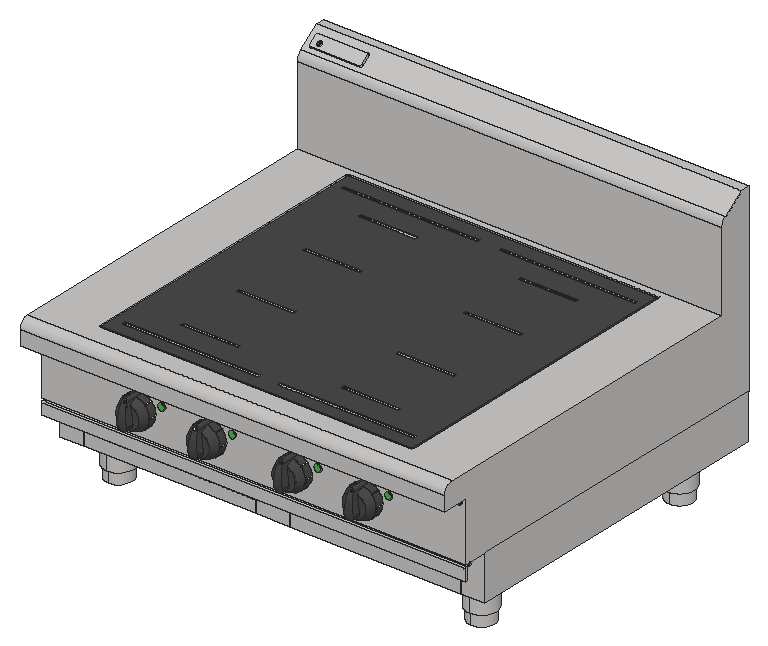
Revit family "QF_Moffat_IN8400F-B_Induction_Cooktop_cat", category Specialty Equipment, Revit 2019
Family settings
  Round Connector Dimension = Use Diameter
  Part Type = Normal
  Work Plane-Based = No
  Always vertical = Yes
  Cut with Voids When Loaded = No
  Shared = No
  Room Calculation Point = No
Parameters (values of type "IN8400F-B_415/60/3")
  Weight in Kilograms = 105
  Watts = 20000 W
  Volts = 415 V
  URL Cutsheet = ""
  Specification by User = ""
  Specification by Manufacturer = ""
  Show Logo [instance] = yes
  Serial Number = ""
  Seismic Rating = ""
  SMACNA No = ""
  Revision Code = ""
  Phase = 3
  Number of Poles = 1
  NAFEM Spec ID Number = ""
  Model = "IN8400F-B"
  Min Ckt Ampacity = 0 A
  Max Overcurrent Protection = 0 A
  Masterspec = ""
  Manufacturer = "Moffat"
  Length = 900 mm
  Item Number = ""
  Installed By = ""
  Identify Quantity as Lot = yes
  Height = 570 mm
  HP = ""
  Furnished By = ""
  Foodservice Equipment Identifier = yes
  FL Amps = 28 A
  Electrical Remarks = ""
  Electric Connection Type = ""
  Elec Conn RI Height = 0 mm
  Elec Conn Connection Height = 0 mm
  Description = "Induction Cooktop"
  Depth = 805 mm
  Cycle = 60 Hz
  Conn Plug = ""
  Conn Conduit = yes
  CSI MasterFormat = ""
  Apparent Power = 19376 VA
Types (2, lengths in mm): name | Watts | Volts | FL Amps | Cycle
  IN8400F-B_415/60/3 | 20000 W | 415 V | 28 A | 60 Hz
  IN8400F-B_400/50/3 | 17000 W | 400 V | 24 A | 50 Hz
Reference planes
  plane 1 "BACK": y = 0
  plane 2: z = 0
  plane 3 "LEFT": x = 0
  plane 4 "RIGHT": x = 900
  plane 5 "FRONT": y = -805
  plane 6 "TOP": z = 570
  plane 7 "Center Y": x = 450
  plane 8 "Center X": y = -402.5
  plane 9: x = 65.5
  plane 10: y = -30
  plane 11: x = 770
  plane 12: z = 85
  plane 13: y = -100
  plane 14: y = -625
  plane 15: y = -70
  plane 16: z = 355
  plane 17: z = 75
  plane 18: x = 834.5
Forms (mm)
  Extrusion 1, solid, material "QF_Metal_Stainless_Polished"
    sketch origin (0, 0, 0) x (0, 1, 0) y (0, 0, 1)
      loop
        line (0, 180) -> (0, 570) -> (-18.182, 570) -> (-60.863, 538.99)
        arc (-60.863, 538.99) -> (-67.584, 531.121) -> (-70, 521.058) r 22.165
        line (-70, 521.058) -> (-70, 355) -> (-784.417, 355)
        arc (-784.417, 355) -> (-798.971, 348.971) -> (-805, 334.417) r 20.583
        line (-805, 334.417) -> (-805, 305) -> (-749, 305) -> (-749, 180) -> (0, 180)
    from 0 to 900
  Extrusion 2, void
    sketch origin (0, -784.171, 355) x (0, 1, 0) y (-1, 0, 0)
      loop
        arc (699.341, -122.382) -> (697.584, -118.139) -> (693.341, -116.382) r 6
        line (693.341, -116.382) -> (45.245, -116.382)
        arc (45.245, -116.382) -> (41.002, -118.139) -> (39.245, -122.382) r 6
        line (39.245, -122.382) -> (39.245, -777.618)
        arc (39.245, -777.618) -> (41.002, -781.861) -> (45.245, -783.618) r 6
        line (45.245, -783.618) -> (693.341, -783.618)
        arc (693.341, -783.618) -> (697.584, -781.861) -> (699.341, -777.618) r 6
        line (699.341, -777.618) -> (699.341, -122.382)
    from 0 to -9.5
  Extrusion 3, solid, material "QF_Plastic_Black_Smooth"
    sketch origin (0, -784.171, 355) x (0, 1, 0) y (-1, 0, 0)
      loop
        line (695.341, -777.618) -> (695.341, -122.382)
        arc (695.341, -122.382) -> (694.755, -120.968) -> (693.341, -120.382) r 2
        line (693.341, -120.382) -> (45.245, -120.382)
        arc (45.245, -120.382) -> (43.831, -120.968) -> (43.245, -122.382) r 2
        line (43.245, -122.382) -> (43.245, -777.618)
        arc (43.245, -777.618) -> (43.831, -779.032) -> (45.245, -779.618) r 2
        line (45.245, -779.618) -> (693.341, -779.618)
        arc (693.341, -779.618) -> (694.755, -779.032) -> (695.341, -777.618) r 2
      loop
        line (663.444, -138.924) -> (657.444, -138.924) -> (657.444, -426.076) -> (663.444, -426.076) -> (663.444, -138.924)
      loop
        line (78.838, -141.424) -> (72.838, -141.424) -> (72.838, -428.576) -> (78.838, -428.576) -> (78.838, -141.424)
      loop
        line (663.444, -761.076) -> (663.444, -473.924) -> (657.444, -473.924) -> (657.444, -761.076) -> (663.444, -761.076)
      loop
        line (78.838, -758.576) -> (78.838, -471.424) -> (72.838, -471.424) -> (72.838, -758.576) -> (78.838, -758.576)
      loop
        line (600.671, -220) -> (600.671, -340) -> (606.671, -340) -> (606.671, -220) -> (600.671, -220)
      loop
        line (454.421, -220) -> (454.421, -340) -> (460.421, -340) -> (460.421, -220) -> (454.421, -220)
      loop
        line (283.728, -340) -> (283.728, -220) -> (277.728, -220) -> (277.728, -340) -> (283.728, -340)
      loop
        line (136.404, -340) -> (136.404, -220) -> (130.404, -220) -> (130.404, -340) -> (136.404, -340)
      loop
        line (600.671, -680) -> (606.671, -680) -> (606.671, -560) -> (600.671, -560) -> (600.671, -680)
      loop
        line (454.421, -680) -> (460.421, -680) -> (460.421, -560) -> (454.421, -560) -> (454.421, -680)
      loop
        line (283.728, -560) -> (277.728, -560) -> (277.728, -680) -> (283.728, -680) -> (283.728, -560)
      loop
        line (136.404, -560) -> (130.404, -560) -> (130.404, -680) -> (136.404, -680) -> (136.404, -560)
    from 0 to -9.5
  Extrusion 4, solid, material "QF_Metal_Stainless_Polished"
    sketch origin (0, 0, 40) x (0, 1, 0) y (0, 0, 1)
      loop
        line (-739.467, 140) -> (-738.192, 134.838)
        arc (-738.192, 134.838) -> (-738.307, 134.302) -> (-738.799, 134.063) r 0.625
        line (-738.799, 134.063) -> (-746.111, 134.063)
        arc (-746.111, 134.063) -> (-748.011, 133.276) -> (-748.797, 131.377) r 2.686
        line (-748.797, 131.377) -> (-748.797, 107.627) -> (-747.197, 107.627) -> (-747.197, 131.242)
        arc (-747.197, 131.242) -> (-746.84, 132.105) -> (-745.976, 132.463) r 1.221
        line (-745.976, 132.463) -> (-738.755, 132.463)
        arc (-738.755, 132.463) -> (-737.028, 133.304) -> (-736.625, 135.182) r 2.194
        line (-736.625, 135.182) -> (-737.815, 140) -> (-739.467, 140)
    from 0 to 900
  Extrusion 5, solid, material "QF_Plastic_Black_Smooth"
    sketch origin (0, -749, 181.875) x (0, 0, 1) y (-1, 0, 0)
      loop
        circle (112.843, -13.157) r 5
      loop
        circle (112.843, -886.843) r 5
    from 0 to 1.6
  Extrusion 6, solid, material "QF_Metal_Stainless_Polished"
    sketch origin (450, -699, 85) x (0, 1, 0) y (1, 0, 0)
      loop
        circle (669, 320) r 6.35
    from 0 to 10
  Extrusion 7, solid, material "QF_Metal_Stainless_Polished"
    sketch origin (0, -699, 85) x (1, 0, 0) y (0, -1, 0)
      loop
        line (0, -699) -> (900, -699) -> (900, 0) -> (849.2, 0) -> (849.2, -25.4) -> (485.8, -25.4) -> (485.8, 0) -> (414.2, 0) -> (414.2, -25.4) -> (50.8, -25.4) -> (50.8, 0) -> (0, 0) -> (0, -699)
    from 0 to -95
  Extrusion 8, solid, material "QF_Metal_Stainless_Polished"
    sketch origin (50.8, -30, 85) x (0, 1, 0) y (0, 0, 1)
      loop
        line (-669, 0) -> (-643.6, 0) -> (-643.6, 26.45) -> (-669, 26.45) -> (-669, 0)
      loop
        line (-669, 32.45) -> (-643.6, 32.45) -> (-643.6, 66.4) -> (-669, 66.4) -> (-669, 32.45)
      loop
        line (-669, 67.4) -> (-643.6, 67.4) -> (-643.6, 95) -> (-669, 95) -> (-669, 67.4)
    from 0 to 363.4
  Revolve 9, solid, material "QF_Metal_Stainless_Polished"
    sketch origin (65.5, -4572, -304.8) x (0, 0, -1) y (0, -1, 0)
      loop
        line (-304.8, -4499.5) -> (-304.8, -4472) -> (-389.8, -4472) -> (-389.8, -4503.75) -> (-329.8, -4503.75) -> (-329.8, -4499.5) -> (-304.8, -4499.5)
      axis (-389.8, -4472) -> (-304.8, -4472)
    angle from 0 to 360
  Revolve 10, solid, material "QF_Metal_Stainless_Polished"
    sketch origin (65.5, -4572, -304.8) x (0, 0, -1) y (0, -1, 0)
      loop
        line (-304.8, -3974.5) -> (-304.8, -3947) -> (-389.8, -3947) -> (-389.8, -3978.75) -> (-329.8, -3978.75) -> (-329.8, -3974.5) -> (-304.8, -3974.5)
      axis (-389.8, -3947) -> (-304.8, -3947)
    angle from 0 to 360
  Revolve 11, solid, material "QF_Metal_Stainless_Polished"
    sketch origin (834.5, -4572, -304.8) x (0, 0, -1) y (0, 1, 0)
      loop
        line (-304.8, 4499.5) -> (-329.8, 4499.5) -> (-329.8, 4503.75) -> (-389.8, 4503.75) -> (-389.8, 4472) -> (-304.8, 4472) -> (-304.8, 4499.5)
      axis (-389.8, 4472) -> (-304.8, 4472)
    angle from 0 to 360
  Revolve 12, solid, material "QF_Metal_Stainless_Polished"
    sketch origin (834.5, -4572, -304.8) x (0, 0, -1) y (0, 1, 0)
      loop
        line (-304.8, 3974.5) -> (-329.8, 3974.5) -> (-329.8, 3978.75) -> (-389.8, 3978.75) -> (-389.8, 3947) -> (-304.8, 3947) -> (-304.8, 3974.5)
      axis (-389.8, 3947) -> (-304.8, 3947)
    angle from 0 to 360
  Extrusion 13, solid, material "QF_Metal_Stainless_Polished"
    sketch origin (900, 0, 0) x (-1, 0, 0) y (0, -1, 0)
      loop
        line (761.076, 126.726) -> (473.924, 126.726) -> (473.924, 120.726) -> (761.076, 120.726) -> (761.076, 126.726)
      loop
        line (680, 183.5) -> (560, 183.5) -> (560, 177.5) -> (680, 177.5) -> (680, 183.5)
      loop
        line (680, 329.75) -> (560, 329.75) -> (560, 323.75) -> (680, 323.75) -> (680, 329.75)
      loop
        line (680, 506.443) -> (560, 506.443) -> (560, 500.443) -> (680, 500.443) -> (680, 506.443)
      loop
        line (680, 653.766) -> (560, 653.766) -> (560, 647.766) -> (680, 647.766) -> (680, 653.766)
      loop
        line (758.576, 711.333) -> (471.424, 711.333) -> (471.424, 705.333) -> (758.576, 705.333) -> (758.576, 711.333)
      loop
        line (138.924, 126.726) -> (138.924, 120.726) -> (426.076, 120.726) -> (426.076, 126.726) -> (138.924, 126.726)
      loop
        line (220, 183.5) -> (220, 177.5) -> (340, 177.5) -> (340, 183.5) -> (220, 183.5)
      loop
        line (220, 329.75) -> (220, 323.75) -> (340, 323.75) -> (340, 329.75) -> (220, 329.75)
      loop
        line (220, 506.443) -> (220, 500.443) -> (340, 500.443) -> (340, 506.443) -> (220, 506.443)
      loop
        line (220, 653.766) -> (220, 647.766) -> (340, 647.766) -> (340, 653.766) -> (220, 653.766)
      loop
        line (141.424, 711.333) -> (141.424, 705.333) -> (428.576, 705.333) -> (428.576, 711.333) -> (141.424, 711.333)
    from 355 to 345.5
  Extrusion 14, solid, material "QF_Paint_Green"
    sketch origin (123.231, -748.999, 153.75) x (0, 0, 1) y (-1, 0, 0)
      loop
        circle (100.3, -282.5) r 7.15
    from 0 to 1.6
  Extrusion 15, solid, material "QF_Plastic_Black_Smooth"
    sketch origin (135, -748.999, 165.625) x (0, 0, 1) y (-1, 0, 0)
      loop
        circle (112.843, -225) r 5
    from 0 to 1.6
  Extrusion 16, solid, material "QF_Paint_Green"
    sketch origin (-26.769, -748.999, 153.75) x (0, 0, 1) y (-1, 0, 0)
      loop
        circle (100.3, -282.5) r 7.15
    from 0 to 1.6
  Extrusion 17, solid, material "QF_Plastic_Black_Smooth"
    sketch origin (-15, -748.999, 165.625) x (0, 0, 1) y (-1, 0, 0)
      loop
        circle (112.843, -225) r 5
    from 0 to 1.6
  Extrusion 18, solid, material "QF_Paint_Green"
    sketch origin (454.481, -748.999, 153.75) x (0, 0, 1) y (-1, 0, 0)
      loop
        circle (100.3, -282.5) r 7.15
    from 0 to 1.6
  Extrusion 19, solid, material "QF_Plastic_Black_Smooth"
    sketch origin (466.25, -748.999, 165.625) x (0, 0, 1) y (-1, 0, 0)
      loop
        circle (112.843, -225) r 5
    from 0 to 1.6
  Extrusion 20, solid, material "QF_Paint_Green"
    sketch origin (304.481, -748.999, 153.75) x (0, 0, 1) y (-1, 0, 0)
      loop
        circle (100.3, -282.5) r 7.15
    from 0 to 1.6
  Extrusion 21, solid, material "QF_Plastic_Black_Smooth"
    sketch origin (316.25, -748.999, 165.625) x (0, 0, 1) y (-1, 0, 0)
      loop
        circle (112.843, -225) r 5
    from 0 to 1.6
  Extrusion 22, solid, material "QF_Metal_Stainless_Polished"
    sketch origin (849.2, -30, 85) x (0, 1, 0) y (0, 0, -1)
      loop
        line (-669, 0) -> (-669, -26.45) -> (-643.6, -26.45) -> (-643.6, 0) -> (-669, 0)
      loop
        line (-669, -32.45) -> (-669, -66.4) -> (-643.6, -66.4) -> (-643.6, -32.45) -> (-669, -32.45)
      loop
        line (-669, -67.4) -> (-669, -95) -> (-643.6, -95) -> (-643.6, -67.4) -> (-669, -67.4)
    from 0 to 363.4
Cuts and joins
  Extrusion 2 cuts Extrusion 1
Lines and regions (mm)
  symbolic lines
    curve 1: line (0, 0, 0) -> (900, 0, 0)
    curve 2: line (0, -805, 0) -> (0, 0, 0)
    curve 3: line (900, -805, 0) -> (0, -805, 0)
    curve 4: line (900, 0, 0) -> (900, -805, 0)
    curve 5: line (0, -18.182, 0) -> (900, -18.182, 0)
    curve 6: line (0, -70, 0) -> (900, -70, 0)
    curve 7: line (122.382, -84.83, 0) -> (777.618, -84.83, 0)
    curve 8: arc (777.618, -84.83, 0) -> (781.861, -86.587, 0) -> (783.618, -90.83, 0) r 6
    curve 9: line (783.618, -90.83, 0) -> (783.618, -738.926, 0)
    curve 10: arc (783.618, -738.926, 0) -> (781.861, -743.168, 0) -> (777.618, -744.926, 0) r 6
    curve 11: line (777.618, -744.926, 0) -> (122.382, -744.926, 0)
    curve 12: arc (122.382, -744.926, 0) -> (118.139, -743.168, 0) -> (116.382, -738.926, 0) r 6
    curve 13: line (116.382, -738.926, 0) -> (116.382, -90.83, 0)
    curve 14: arc (116.382, -90.83, 0) -> (118.139, -86.587, 0) -> (122.382, -84.83, 0) r 6
    curve 15: line (777.618, -88.83, 0) -> (122.382, -88.83, 0)
    curve 16: arc (122.382, -88.83, 0) -> (120.968, -89.415, 0) -> (120.382, -90.83, 0) r 2
    curve 17: line (120.382, -90.83, 0) -> (120.382, -738.926, 0)
    curve 18: arc (120.382, -738.926, 0) -> (120.968, -740.34, 0) -> (122.382, -740.926, 0) r 2
    curve 19: line (122.382, -740.926, 0) -> (777.618, -740.926, 0)
    curve 20: arc (777.618, -740.926, 0) -> (779.032, -740.34, 0) -> (779.618, -738.926, 0) r 2
    curve 21: line (779.618, -738.926, 0) -> (779.618, -90.83, 0)
    curve 22: arc (779.618, -90.83, 0) -> (779.032, -89.415, 0) -> (777.618, -88.83, 0) r 2
    curve 23: line (783.618, -738.926, 0) -> (783.618, -90.83, 0)
    curve 24: line (779.618, -90.83, 0) -> (779.618, -738.926, 0)
    curve 25: line (138.924, -126.726, 0) -> (426.076, -126.726, 0)
    curve 26: line (426.076, -126.726, 0) -> (426.076, -120.726, 0)
    curve 27: line (426.076, -120.726, 0) -> (138.924, -120.726, 0)
    curve 28: line (138.924, -120.726, 0) -> (138.924, -126.726, 0)
    curve 29: line (220, -183.5, 0) -> (340, -183.5, 0)
    curve 30: line (340, -183.5, 0) -> (340, -177.5, 0)
    curve 31: line (340, -177.5, 0) -> (220, -177.5, 0)
    curve 32: line (220, -177.5, 0) -> (220, -183.5, 0)
    curve 33: line (220, -329.75, 0) -> (340, -329.75, 0)
    curve 34: line (340, -329.75, 0) -> (340, -323.75, 0)
    curve 35: line (340, -323.75, 0) -> (220, -323.75, 0)
    curve 36: line (220, -323.75, 0) -> (220, -329.75, 0)
    curve 37: line (220, -506.443, 0) -> (340, -506.443, 0)
    curve 38: line (340, -506.443, 0) -> (340, -500.443, 0)
    curve 39: line (340, -500.443, 0) -> (220, -500.443, 0)
    curve 40: line (220, -500.443, 0) -> (220, -506.443, 0)
    curve 41: line (220, -653.766, 0) -> (340, -653.766, 0)
    curve 42: line (340, -653.766, 0) -> (340, -647.766, 0)
    curve 43: line (340, -647.766, 0) -> (220, -647.766, 0)
    curve 44: line (220, -647.766, 0) -> (220, -653.766, 0)
    curve 45: line (141.424, -711.333, 0) -> (428.576, -711.333, 0)
    curve 46: line (428.576, -711.333, 0) -> (428.576, -705.333, 0)
    curve 47: line (428.576, -705.333, 0) -> (141.424, -705.333, 0)
    curve 48: line (141.424, -705.333, 0) -> (141.424, -711.333, 0)
    curve 49: line (471.424, -711.333, 0) -> (758.576, -711.333, 0)
    curve 50: line (758.576, -711.333, 0) -> (758.576, -705.333, 0)
    curve 51: line (758.576, -705.333, 0) -> (471.424, -705.333, 0)
    curve 52: line (471.424, -705.333, 0) -> (471.424, -711.333, 0)
    curve 53: line (680, -653.766, 0) -> (560, -653.766, 0)
    curve 54: line (560, -653.766, 0) -> (560, -647.766, 0)
    curve 55: line (560, -647.766, 0) -> (680, -647.766, 0)
    curve 56: line (680, -647.766, 0) -> (680, -653.766, 0)
    curve 57: line (560, -506.443, 0) -> (680, -506.443, 0)
    curve 58: line (680, -506.443, 0) -> (680, -500.443, 0)
    curve 59: line (680, -500.443, 0) -> (560, -500.443, 0)
    curve 60: line (560, -500.443, 0) -> (560, -506.443, 0)
    curve 61: line (560, -329.75, 0) -> (680, -329.75, 0)
    curve 62: line (680, -329.75, 0) -> (680, -323.75, 0)
    curve 63: line (680, -323.75, 0) -> (560, -323.75, 0)
    curve 64: line (560, -323.75, 0) -> (560, -329.75, 0)
    curve 65: line (680, -177.5, 0) -> (560, -177.5, 0)
    curve 66: line (560, -177.5, 0) -> (560, -183.5, 0)
    curve 67: line (560, -183.5, 0) -> (680, -183.5, 0)
    curve 68: line (680, -183.5, 0) -> (680, -177.5, 0)
    curve 69: line (473.924, -126.726, 0) -> (761.076, -126.726, 0)
    curve 70: line (761.076, -126.726, 0) -> (761.076, -120.726, 0)
    curve 71: line (761.076, -120.726, 0) -> (473.924, -120.726, 0)
    curve 72: line (473.924, -120.726, 0) -> (473.924, -126.726, 0)
Dimensions and locks
  equal spacing: plane 3 "LEFT", plane 7 "Center Y", plane 4 "RIGHT"
  "Length": plane 3 "LEFT" to plane 4 "RIGHT"
  equal spacing: plane 5 "FRONT", plane 8 "Center X", plane 1 "BACK"
  "Depth": plane 5 "FRONT" to plane 1 "BACK"
  "Height": plane 6 "TOP" to level
  plane 4 "RIGHT" to plane 3 "LEFT" = 900 mm
  plane 1 "BACK" to plane 5 "FRONT" = 805 mm
  plane 6 "TOP" to plane 2 = 570 mm
  locked: plane 11 to plane 4 "RIGHT" at 130
  plane 1 "BACK" to plane 10 = 30 mm
  plane 1 "BACK" to plane 13 to plane 14 = 100 mm, 525 mm
  plane 1 "BACK" to plane 15 = 70 mm
  plane 16 to level = 355 mm
  level to plane 12 = 85 mm
  plane 17 to level = 75 mm
  plane 11 to plane 4 "RIGHT" = 130 mm
  plane 18 to plane 9 = 769 mm
  locked: plane 4 "RIGHT" to plane 18 at 65.5
  aligned and locked: level to plane 2
  aligned and locked: plane 18 to Revolve 12
  aligned and locked: plane 18 to Revolve 11
  aligned and locked: Extrusion 7 sketch curve to plane 4 "RIGHT"
  aligned and locked: Extrusion 4 to plane 4 "RIGHT"
  aligned and locked: Extrusion 22 to Extrusion 7  (x2)
Automatic sketch dimensions
  Extrusion 1 sketch curve to plane 5 "FRONT" = 0 mm
  Extrusion 1 sketch curve to plane 16 = 0 mm
  Extrusion 1 sketch curve to plane 15 = 0 mm
  Extrusion 1 sketch curve to plane 6 "TOP" = 0 mm
  Extrusion 1 sketch curve to plane 1 "BACK" = 0 mm
  Extrusion 1 sketch curve to plane 5 "FRONT" = 20.583 mm
  Extrusion 1 sketch curve to plane 5 "FRONT" = 56 mm
  Extrusion 1 sketch curve to plane 15 = 9.137 mm
  plane 10 to Extrusion 1 sketch curve = 17.835 mm
  Extrusion 1 sketch curve to plane 10 = 11.818 mm
  Extrusion 1 sketch curve to Extrusion 1 sketch curve = 29.417 mm
  Extrusion 1 sketch curve to plane 12 = 95 mm
  Extrusion 1 sketch curve to plane 6 "TOP" = 48.942 mm
  Extrusion 2 sketch curve to Extrusion 1 = 39.492 mm
  Extrusion 2 sketch curve to Extrusion 2 sketch curve = 6 mm  (x3)
  Extrusion 1 to Extrusion 2 sketch curve = 20.83 mm  (x2)
  Extrusion 1 to Extrusion 2 sketch curve = 116.382 mm
  Extrusion 1 to Extrusion 2 sketch curve = 122.382 mm
  Extrusion 3 sketch curve to Extrusion 1 = 43.492 mm
  Extrusion 3 sketch curve to Extrusion 3 sketch curve = 2 mm  (x3)
  Extrusion 3 sketch curve to Extrusion 1 = 73.085 mm
  Extrusion 3 sketch curve to Extrusion 3 sketch curve = 0 mm  (x5)
  Extrusion 3 sketch curve to Extrusion 3 sketch curve = 6 mm  (x12)
  Extrusion 3 sketch curve to Extrusion 3 sketch curve = 51.566 mm  (x2)
  Extrusion 3 sketch curve to Extrusion 3 sketch curve = 141.323 mm  (x2)
  Extrusion 3 sketch curve to Extrusion 3 sketch curve = 170.693 mm  (x2)
  Extrusion 1 to Extrusion 3 sketch curve = 113.5 mm  (x2)
  Extrusion 1 to Extrusion 3 sketch curve = 56.726 mm
  Extrusion 1 to Extrusion 3 sketch curve = 20.83 mm  (x2)
  Extrusion 1 to Extrusion 3 sketch curve = 120.382 mm
  Extrusion 3 sketch curve to Extrusion 3 sketch curve = 16.542 mm
  Extrusion 3 sketch curve to Extrusion 3 sketch curve = 19.042 mm  (x2)
  Extrusion 3 sketch curve to Extrusion 3 sketch curve = 81.076 mm  (x2)
  Extrusion 3 sketch curve to Extrusion 3 sketch curve = 78.576 mm  (x3)
  Extrusion 3 sketch curve to Extrusion 3 sketch curve = 120 mm  (x8)
  Extrusion 3 sketch curve to Extrusion 3 sketch curve = 86.076 mm  (x2)
  Extrusion 3 sketch curve to Extrusion 3 sketch curve = 88.576 mm  (x2)
  Extrusion 3 sketch curve to Extrusion 3 sketch curve = 42.848 mm
  Extrusion 3 sketch curve to Extrusion 3 sketch curve = 47.848 mm
  Extrusion 4 sketch curve to plane 5 "FRONT" = 56.203 mm
  Extrusion 4 sketch curve to Extrusion 4 sketch curve = 1.6 mm
  Extrusion 4 sketch curve to Extrusion 4 sketch curve = 1.086 mm
  Extrusion 4 sketch curve to Extrusion 4 sketch curve = 0.135 mm  (x2)
  Extrusion 4 sketch curve to Extrusion 4 sketch curve = 6.644 mm
  Extrusion 4 sketch curve to Extrusion 4 sketch curve = 0.668 mm
  Extrusion 4 sketch curve to Extrusion 4 sketch curve = 0.044 mm
  Extrusion 4 sketch curve to Extrusion 4 sketch curve = 0.563 mm
  Extrusion 4 sketch curve to Extrusion 4 sketch curve = 1.652 mm
  Extrusion 4 sketch curve to Extrusion 4 sketch curve = 1.567 mm
  Extrusion 4 sketch curve to plane 12 = 62.627 mm
  Extrusion 4 sketch curve to Extrusion 4 sketch curve = 23.614 mm
  Extrusion 4 sketch curve to Extrusion 4 sketch curve = 0.594 mm
  Extrusion 4 sketch curve to Extrusion 4 sketch curve = 0.032 mm
  Extrusion 4 sketch curve to Extrusion 4 sketch curve = 5.162 mm
  Extrusion 1 to Extrusion 5 sketch curve = 10.282 mm  (x2)
  Extrusion 1 to Extrusion 5 sketch curve = 13.157 mm  (x2)
  Extrusion 7 to Extrusion 6 sketch curve = 30 mm
  Extrusion 6 sketch curve to Extrusion 7 = 79.2 mm
  Extrusion 7 sketch curve to plane 3 "LEFT" = 0 mm
  plane 1 "BACK" to Extrusion 7 sketch curve = 0 mm
  plane 9 to Extrusion 7 sketch curve = 14.7 mm
  Extrusion 7 sketch curve to plane 7 "Center Y" = 35.8 mm
  plane 7 "Center Y" to Extrusion 7 sketch curve = 35.8 mm
  plane 18 to Extrusion 7 sketch curve = 14.7 mm
  plane 14 to Extrusion 7 sketch curve = 48.6 mm  (x2)
  Extrusion 7 sketch curve to Extrusion 7 sketch curve = 25.4 mm  (x3)
  Extrusion 8 sketch curve to Extrusion 7 = 0 mm  (x8)
  Extrusion 7 to Extrusion 8 sketch curve = 26.45 mm
  Extrusion 8 sketch curve to Extrusion 8 sketch curve = 6 mm
  Extrusion 7 to Extrusion 8 sketch curve = 28.6 mm
  Extrusion 8 sketch curve to Extrusion 8 sketch curve = 1 mm
  plane 12 to Revolve 9 sketch curve = 0 mm
  Revolve 9 sketch curve to level = 0 mm  (x2)
  Revolve 9 sketch curve to plane 13 = 0 mm  (x2)
  plane 15 to Revolve 9 sketch curve = 2.5 mm
  level to Revolve 9 sketch curve = 25 mm
  Revolve 9 sketch curve to plane 15 = 1.75 mm
  Revolve 9 sketch curve to Revolve 9 sketch curve = 25 mm
  plane 12 to Revolve 10 sketch curve = 0 mm
  Revolve 10 sketch curve to level = 0 mm  (x2)
  Revolve 10 sketch curve to plane 14 = 0 mm  (x2)
  level to Revolve 10 sketch curve = 25 mm
  Revolve 10 sketch curve to Revolve 10 sketch curve = 27.5 mm
  Revolve 10 sketch curve to Revolve 10 sketch curve = 31.75 mm
  Revolve 10 sketch curve to Revolve 10 sketch curve = 25 mm
  plane 12 to Revolve 11 sketch curve = 0 mm
  Revolve 11 sketch curve to level = 0 mm  (x2)
  Revolve 11 sketch curve to plane 13 = 0 mm  (x2)
  plane 15 to Revolve 11 sketch curve = 2.5 mm
  Revolve 11 sketch curve to Revolve 11 sketch curve = 25 mm
  Revolve 11 sketch curve to plane 15 = 1.75 mm
  Revolve 11 sketch curve to level = 25 mm
  plane 12 to Revolve 12 sketch curve = 0 mm
  Revolve 12 sketch curve to level = 0 mm  (x2)
  Revolve 12 sketch curve to plane 14 = 0 mm  (x2)
  level to Revolve 12 sketch curve = 25 mm
  Revolve 12 sketch curve to plane 14 = 27.5 mm
  Revolve 12 sketch curve to Revolve 12 sketch curve = 4.25 mm
  Revolve 12 sketch curve to Revolve 12 sketch curve = 25 mm
  Extrusion 13 sketch curve to plane 11 = 8.924 mm
  Extrusion 13 sketch curve to plane 11 = 11.424 mm
  Extrusion 13 sketch curve to plane 14 = 28.766 mm  (x2)
  Extrusion 13 sketch curve to plane 11 = 90 mm  (x4)
  Extrusion 13 sketch curve to plane 7 "Center Y" = 110 mm  (x4)
  Extrusion 13 sketch curve to plane 14 = 22.766 mm
  Extrusion 13 sketch curve to plane 7 "Center Y" = 23.924 mm
  Extrusion 13 sketch curve to plane 7 "Center Y" = 21.424 mm
  plane 7 "Center Y" to Extrusion 13 sketch curve = 21.424 mm
  plane 7 "Center Y" to Extrusion 13 sketch curve = 23.924 mm
  plane 7 "Center Y" to Extrusion 13 sketch curve = 110 mm  (x2)
  Extrusion 13 sketch curve to Extrusion 13 sketch curve = 88.576 mm
  Extrusion 13 sketch curve to Extrusion 13 sketch curve = 86.076 mm
  Extrusion 13 sketch curve to Extrusion 13 sketch curve = 120 mm  (x4)
  plane 9 to Extrusion 13 sketch curve = 75.924 mm
  Extrusion 13 sketch curve to plane 13 = 20.726 mm
  plane 9 to Extrusion 13 sketch curve = 73.424 mm
  Extrusion 13 sketch curve to plane 14 = 80.333 mm  (x2)
  Extrusion 13 sketch curve to Extrusion 13 sketch curve = 6 mm  (x11)
  plane 8 "Center X" to Extrusion 13 sketch curve = 103.943 mm  (x2)
  Extrusion 13 sketch curve to plane 8 "Center X" = 72.75 mm  (x2)
  Extrusion 13 sketch curve to plane 13 = 83.5 mm  (x2)
  Extrusion 13 sketch curve to plane 13 = 26.726 mm
  Extrusion 14 sketch curve to plane 7 "Center Y" = 44.269 mm
  Extrusion 14 sketch curve to plane 16 = 100.95 mm
  Extrusion 15 sketch curve to plane 16 = 76.532 mm
  Extrusion 15 sketch curve to plane 7 "Center Y" = 90 mm
  Extrusion 16 sketch curve to plane 16 = 100.95 mm
  Extrusion 16 sketch curve to plane 9 = 190.231 mm
  Extrusion 17 sketch curve to plane 16 = 76.532 mm
  Extrusion 17 sketch curve to plane 9 = 144.5 mm
  plane 11 to Extrusion 18 sketch curve = 33.019 mm
  Extrusion 18 sketch curve to plane 16 = 100.95 mm
  Extrusion 19 sketch curve to plane 16 = 76.532 mm
  plane 11 to Extrusion 19 sketch curve = 78.75 mm
  Extrusion 20 sketch curve to plane 16 = 100.95 mm
  plane 7 "Center Y" to Extrusion 20 sketch curve = 136.981 mm
  Extrusion 21 sketch curve to plane 16 = 76.532 mm
  plane 7 "Center Y" to Extrusion 21 sketch curve = 91.25 mm
  plane 12 to Extrusion 22 sketch curve = 0 mm
  plane 14 to Extrusion 22 sketch curve = 74 mm
  Extrusion 22 sketch curve to Extrusion 22 sketch curve = 0 mm  (x4)
  Extrusion 22 sketch curve to Extrusion 22 sketch curve = 25.4 mm
  Extrusion 22 sketch curve to plane 12 = 26.45 mm
  Extrusion 22 sketch curve to Extrusion 22 sketch curve = 6 mm
  Extrusion 22 sketch curve to Extrusion 22 sketch curve = 33.95 mm
  Extrusion 22 sketch curve to Extrusion 22 sketch curve = 1 mm
  Extrusion 22 sketch curve to Extrusion 22 sketch curve = 27.6 mm
  curve 8 to curve 22 = 0 mm
  curve 10 to curve 20 = 0 mm  (x2)
  curve 12 to curve 18 = 0 mm  (x2)
  curve 14 to curve 16 = 0 mm  (x2)
  plane 1 "BACK" to curve 1 = 0 mm
  curve 1 to plane 3 "LEFT" = 0 mm
  curve 6 to plane 4 "RIGHT" = 0 mm
  plane 5 "FRONT" to curve 3 = 0 mm
  plane 15 to curve 6 = 0 mm
  curve 13 to plane 9 = 50.882 mm
  curve 13 to curve 17 = 4 mm
  curve 17 to curve 16 = 2 mm
  curve 17 to curve 18 = 2 mm
  curve 14 to curve 25 = 16.542 mm
  curve 18 to curve 48 = 19.042 mm
  curve 40 to plane 9 = 154.5 mm
  plane 14 to curve 44 = 22.766 mm
  curve 47 to curve 44 = 78.576 mm
  curve 25 to curve 29 = 81.076 mm
  plane 8 "Center X" to curve 36 = 72.75 mm
  curve 36 to curve 29 = 0 mm
  curve 34 to plane 7 "Center Y" = 110 mm
  curve 37 to plane 7 "Center Y" = 110 mm
  plane 14 to curve 41 = 28.766 mm
  curve 41 to plane 7 "Center Y" = 110 mm
  curve 31 to plane 7 "Center Y" = 110 mm
  curve 26 to plane 7 "Center Y" = 23.924 mm
  curve 46 to plane 7 "Center Y" = 21.424 mm
  plane 7 "Center Y" to curve 52 = 21.424 mm
  plane 7 "Center Y" to curve 72 = 23.924 mm
  curve 69 to curve 67 = 86.076 mm
  plane 7 "Center Y" to curve 64 = 110 mm
  plane 7 "Center Y" to curve 60 = 110 mm
  plane 14 to curve 55 = 22.766 mm
  curve 51 to curve 55 = 88.576 mm
  plane 11 to curve 63 = 90 mm
  plane 11 to curve 65 = 90 mm
  plane 11 to curve 59 = 90 mm
  plane 14 to curve 56 = 28.766 mm
  plane 11 to curve 56 = 90 mm
  plane 11 to curve 50 = 11.424 mm
  plane 11 to curve 69 = 8.924 mm
  curve 19 to plane 11 = 7.618 mm
  curve 8 to plane 11 = 7.618 mm
  curve 8 to curve 24 = 2 mm
  curve 11 to plane 5 "FRONT" = 60.074 mm
  curve 10 to curve 50 = 27.593 mm
  curve 18 to curve 45 = 27.593 mm
  curve 45 to curve 47 = 6 mm
  curve 49 to curve 51 = 6 mm
  curve 60 to plane 8 "Center X" = 103.943 mm
  curve 40 to plane 8 "Center X" = 103.943 mm
  curve 57 to curve 59 = 6 mm
  curve 37 to curve 40 = 6 mm
  plane 8 "Center X" to curve 62 = 72.75 mm
  curve 61 to curve 64 = 6 mm
  curve 33 to curve 34 = 6 mm
  plane 13 to curve 29 = 83.5 mm
  plane 13 to curve 67 = 83.5 mm
  curve 29 to curve 31 = 6 mm
  curve 67 to curve 68 = 6 mm
  plane 13 to curve 25 = 26.726 mm
  plane 13 to curve 72 = 26.726 mm
  curve 25 to curve 28 = 6 mm
  curve 69 to curve 71 = 6 mm
  curve 21 to plane 13 = 9.17 mm
  curve 5 to plane 10 = 11.818 mm
  radius of Extrusion 5 sketch curve = 5 mm  (x2)
  radius of Extrusion 6 sketch curve = 6.35 mm
  radius of Extrusion 14 sketch curve = 7.15 mm
  radius of Extrusion 15 sketch curve = 5 mm
  radius of Extrusion 16 sketch curve = 7.15 mm
  radius of Extrusion 17 sketch curve = 5 mm
  radius of Extrusion 18 sketch curve = 7.15 mm
  radius of Extrusion 19 sketch curve = 5 mm
  radius of Extrusion 20 sketch curve = 7.15 mm
  radius of Extrusion 21 sketch curve = 5 mm
Nested families
  nested 1: "QF_LOGO_Waldorf" at (12, -52.35, 545.175), visible <- "Show Logo", type "QF_LOGO_Waldorf"
  nested 2: "Knob" at (327.5, -739.499, 200.75), type "Knob"
  nested 3: "Knob" at (177.5, -739.499, 200.75), type "Knob"
  nested 4: "Knob" at (658.75, -739.499, 200.75), type "Knob"
  nested 5: "Knob" at (508.75, -739.499, 200.75), type "Knob"
Connectors
  electrical at (770, -30, 75), driven by "Volts", driven by "Watts"
    settings: on Extrusion 6, index 3, voltage 415 V, apparent load 20000 VA, apparent load phase1 0 VA, apparent load phase2 0 VA, apparent load phase3 0 VA, power factor 1, load classification "Other", number of poles 1, system type 30, power factor state 1, is connector primary yes, connector utility no, sub classification motor no, connector description "ELECTRICAL CONNECTION"
Definition of nested family "QF_LOGO_Waldorf"
  Parameters (values of type "QF_LOGO_Waldorf")
    Weight in Pounds = 0
    URL Cutsheet = ""
    Specification by User = ""
    Specification by Manufacturer = ""
    Serial Number = ""
    Seismic Rating = ""
    SMACNA No = ""
    Revision Code = ""
    NAFEM Spec ID Number = ""
    Masterspec = ""
    Length = 138 mm
    Item Number = ""
    Installed By = ""
    Identify Quantity as Lot = yes
    Height = 26.711 mm
    Furnished By = ""
    Foodservice Equipment Identifier = yes
    Depth = 3.175 mm
    CSI MasterFormat = ""
  Reference planes
    plane 1 "BACK": y = 0
    plane 2: z = 0
    plane 3 "LEFT": x = 0
    plane 4 "RIGHT": x = 138
    plane 5 "FRONT": y = -3.175
    plane 6 "TOP": z = 26.711
    plane 7 "Center Y": x = 69
    plane 8 "Center X": y = -1.587
  Forms (mm)
    Extrusion 1, solid
      sketch origin (0, 0, 0) x (1, 0, 0) y (0, 0.809017, 0.587785)
        loop
          line (109, 3.464) -> (109, 23.247)
          spline (109, 23.247) -> (108.966, 23.699) -> (108.864, 24.143) -> (108.696, 24.572) -> (108.464, 24.979) -> (108.173, 25.355) -> (107.828, 25.696) -> (107.435, 25.995) -> (107, 26.247) -> (106.531, 26.447) -> (106.035, 26.593) -> (105.522, 26.681) -> (105, 26.711)
          line (105, 26.711) -> (4, 26.711)
          spline (4, 26.711) -> (3.478, 26.681) -> (2.965, 26.593) -> (2.469, 26.447) -> (2, 26.247) -> (1.565, 25.995) -> (1.172, 25.696) -> (0.827, 25.355) -> (0.536, 24.979) -> (0.304, 24.572) -> (0.136, 24.143) -> (0.034, 23.699) -> (0, 23.247)
          line (0, 23.247) -> (0, 3.464)
          spline (0, 3.464) -> (0.034, 3.012) -> (0.136, 2.568) -> (0.304, 2.138) -> (0.536, 1.732) -> (0.827, 1.355) -> (1.172, 1.015) -> (1.565, 0.716) -> (2, 0.464) -> (2.469, 0.264) -> (2.965, 0.118) -> (3.478, 0.03) -> (4, 0)
          line (4, 0) -> (105, 0)
          spline (105, 0) -> (105.522, 0.03) -> (106.035, 0.118) -> (106.531, 0.264) -> (107, 0.464) -> (107.435, 0.716) -> (107.828, 1.015) -> (108.173, 1.355) -> (108.464, 1.732) -> (108.696, 2.138) -> (108.864, 2.568) -> (108.966, 3.012) -> (109, 3.464)
        loop
          line (14.75, 7.005) -> (14.75, 15.654)
          arc (14.75, 15.654) -> (10.425, 11.329) -> (14.75, 7.005) r 4.325
        loop
          line (15.25, 15.654) -> (15.25, 7.005)
          arc (15.25, 7.005) -> (19.575, 11.329) -> (15.25, 15.654) r 4.325
      from 0 to 3.2
    Extrusion 2, solid
      sketch origin (0, 0, 0) x (1, 0, 0) y (0, 0.809017, 0.587785)
        loop
          line (15.25, 15.654) -> (15.25, 7.005)
          arc (15.25, 7.005) -> (19.575, 11.329) -> (15.25, 15.654) r 4.325
      from 0 to 3.2
    Extrusion 3, solid
      sketch origin (16.271, 0, 0) x (-1, 0, 0) y (0, -0.809017, -0.587785)
        loop
          arc (1.521, -15.654) -> (5.846, -11.329) -> (1.521, -7.005) r 4.325
          line (1.521, -7.005) -> (1.521, -15.654)
      from 0 to 3.2
  Lines and regions (mm)
    Split face 1
      outline origin (0, -1.881, 2.589) x (1, 0, 0) y (0, 0.809017, 0.587785)
        loop
          spline (22.129, 16.975) -> (22.389, 15.984) -> (22.649, 15.002) -> (22.91, 14.028) -> (23.172, 13.065) -> (23.433, 12.11) -> (23.695, 11.166) -> (23.956, 10.232) -> (24.218, 9.308) -> (24.479, 8.396) -> (24.74, 7.495) -> (25, 6.605) -> (25.26, 5.728)
          line (25.26, 5.728) -> (29.463, 5.728)
          spline (29.463, 5.728) -> (29.582, 6.252) -> (29.701, 6.78) -> (29.82, 7.313) -> (29.939, 7.85) -> (30.058, 8.391) -> (30.178, 8.936) -> (30.297, 9.485) -> (30.416, 10.038) -> (30.536, 10.594) -> (30.655, 11.155) -> (30.775, 11.719) -> (30.894, 12.287)
          spline (30.894, 12.287) -> (31.018, 11.719) -> (31.142, 11.155) -> (31.266, 10.594) -> (31.39, 10.038) -> (31.514, 9.485) -> (31.638, 8.936) -> (31.762, 8.391) -> (31.885, 7.85) -> (32.009, 7.313) -> (32.133, 6.78) -> (32.256, 6.252) -> (32.379, 5.728)
          line (32.379, 5.728) -> (36.51, 5.728)
          spline (36.51, 5.728) -> (36.766, 6.605) -> (37.023, 7.495) -> (37.28, 8.396) -> (37.538, 9.308) -> (37.795, 10.232) -> (38.053, 11.166) -> (38.311, 12.11) -> (38.569, 13.065) -> (38.826, 14.028) -> (39.083, 15.002) -> (39.34, 15.984) -> (39.597, 16.975)
          line (39.597, 16.975) -> (35.637, 16.975)
          spline (35.637, 16.975) -> (35.523, 16.334) -> (35.41, 15.697) -> (35.296, 15.063) -> (35.182, 14.433) -> (35.068, 13.807) -> (34.954, 13.185) -> (34.84, 12.566) -> (34.726, 11.952) -> (34.612, 11.342) -> (34.497, 10.737) -> (34.383, 10.135) -> (34.269, 9.538)
          spline (34.269, 9.538) -> (34.138, 10.135) -> (34.008, 10.737) -> (33.877, 11.342) -> (33.746, 11.952) -> (33.616, 12.566) -> (33.485, 13.185) -> (33.354, 13.807) -> (33.224, 14.433) -> (33.093, 15.063) -> (32.963, 15.697) -> (32.833, 16.334) -> (32.703, 16.975)
          line (32.703, 16.975) -> (29.247, 16.975)
          spline (29.247, 16.975) -> (29.111, 16.334) -> (28.974, 15.697) -> (28.837, 15.063) -> (28.7, 14.433) -> (28.562, 13.807) -> (28.425, 13.185) -> (28.288, 12.566) -> (28.15, 11.952) -> (28.013, 11.342) -> (27.875, 10.737) -> (27.738, 10.135) -> (27.6, 9.538)
          spline (27.6, 9.538) -> (27.483, 10.135) -> (27.366, 10.737) -> (27.249, 11.342) -> (27.132, 11.952) -> (27.015, 12.566) -> (26.897, 13.185) -> (26.78, 13.807) -> (26.663, 14.433) -> (26.546, 15.063) -> (26.43, 15.697) -> (26.313, 16.334) -> (26.196, 16.975)
          line (26.196, 16.975) -> (22.129, 16.975)
    Split face 2
      outline origin (0, -1.881, 2.589) x (1, 0, 0) y (0, 0.809017, 0.587785)
        loop
          line (51.449, 5.728) -> (51.035, 6.606) -> (51.035, 11.169)
          spline (51.035, 11.169) -> (50.686, 12.42) -> (50.176, 13.224) -> (49.51, 13.708) -> (48.693, 13.995) -> (47.747, 14.152) -> (46.698, 14.207) -> (45.579, 14.186) -> (44.419, 14.114) -> (43.279, 13.929) -> (42.249, 13.481) -> (41.424, 12.614) -> (40.897, 11.169)
          line (40.897, 11.169) -> (44.617, 11.169) -> (44.988, 11.965)
          spline (44.988, 11.965) -> (47.294, 11.682) -> (46.856, 10.932) -> (45.527, 10.609) -> (43.858, 10.439) -> (42.259, 10.123) -> (41.078, 9.417) -> (40.563, 8.246) -> (40.689, 6.989) -> (41.407, 6.052) -> (42.774, 5.536) -> (44.847, 5.497) -> (47.306, 6.602)
          line (47.306, 6.602) -> (47.624, 5.728) -> (51.449, 5.728)
    Split face 3
      outline origin (0, -1.881, 2.589) x (1, 0, 0) y (0, 0.809017, 0.587785)
        loop
          line (47.264, 9.264) -> (44.938, 8.597)
          spline (44.938, 8.597) -> (44.508, 8.228) -> (44.402, 7.9) -> (44.548, 7.626) -> (44.877, 7.42) -> (45.317, 7.295) -> (45.797, 7.265) -> (46.252, 7.342) -> (46.65, 7.525) -> (46.971, 7.813) -> (47.194, 8.201) -> (47.298, 8.685) -> (47.264, 9.264)
    Split face 4
      outline origin (0, -1.881, 2.589) x (1, 0, 0) y (0, 0.809017, 0.587785)
        loop
          line (53.33, 16.975) -> (53.33, 5.728) -> (57.173, 5.728) -> (57.173, 16.975) -> (53.33, 16.975)
    Split face 5
      outline origin (0, -1.881, 2.589) x (1, 0, 0) y (0, 0.809017, 0.587785)
        loop
          line (65.795, 16.975) -> (65.795, 12.976)
          spline (65.795, 12.976) -> (63.839, 14.082) -> (62.087, 14.096) -> (60.633, 13.343) -> (59.574, 12.148) -> (58.99, 10.806) -> (58.867, 9.452) -> (59.156, 8.159) -> (59.81, 7) -> (60.786, 6.056) -> (62.111, 5.514) -> (63.868, 5.634) -> (66.137, 6.679)
          line (66.137, 6.679) -> (66.137, 5.728) -> (69.511, 5.728) -> (69.511, 16.975) -> (65.795, 16.975)
    Split face 6
      outline origin (0, -1.881, 2.589) x (1, 0, 0) y (0, 0.809017, 0.587785)
        loop
          spline (64.273, 7.499) -> (64.754, 7.57) -> (65.202, 7.777) -> (65.587, 8.106) -> (65.882, 8.535) -> (66.067, 9.034) -> (66.131, 9.57) -> (66.067, 10.106) -> (65.882, 10.605) -> (65.587, 11.034) -> (65.202, 11.363) -> (64.754, 11.57) -> (64.273, 11.64)
          spline (64.273, 11.64) -> (63.793, 11.57) -> (63.345, 11.363) -> (62.96, 11.034) -> (62.665, 10.605) -> (62.479, 10.106) -> (62.416, 9.57) -> (62.479, 9.034) -> (62.665, 8.535) -> (62.96, 8.106) -> (63.345, 7.777) -> (63.793, 7.57) -> (64.273, 7.499)
    Split face 7
      outline origin (0, -1.881, 2.589) x (1, 0, 0) y (0, 0.809017, 0.587785)
        loop
          spline (76.449, 5.305) -> (77.855, 5.457) -> (79.166, 5.901) -> (80.291, 6.607) -> (81.155, 7.527) -> (81.698, 8.599) -> (81.883, 9.749) -> (81.698, 10.899) -> (81.155, 11.97) -> (80.291, 12.891) -> (79.166, 13.597) -> (77.855, 14.041) -> (76.449, 14.192)
          spline (76.449, 14.192) -> (75.042, 14.041) -> (73.731, 13.597) -> (72.606, 12.891) -> (71.742, 11.97) -> (71.199, 10.899) -> (71.014, 9.749) -> (71.199, 8.599) -> (71.742, 7.527) -> (72.606, 6.607) -> (73.731, 5.901) -> (75.042, 5.457) -> (76.449, 5.305)
    Split face 8
      outline origin (0, -1.881, 2.589) x (1, 0, 0) y (0, 0.809017, 0.587785)
        loop
          spline (76.449, 7.654) -> (76.841, 7.725) -> (77.206, 7.934) -> (77.52, 8.267) -> (77.76, 8.701) -> (77.912, 9.206) -> (77.963, 9.749) -> (77.912, 10.291) -> (77.76, 10.796) -> (77.52, 11.23) -> (77.206, 11.563) -> (76.841, 11.772) -> (76.449, 11.843)
          spline (76.449, 11.843) -> (76.057, 11.772) -> (75.691, 11.563) -> (75.378, 11.23) -> (75.137, 10.796) -> (74.986, 10.291) -> (74.934, 9.749) -> (74.986, 9.206) -> (75.137, 8.701) -> (75.378, 8.267) -> (75.691, 7.934) -> (76.057, 7.725) -> (76.449, 7.654)
    Split face 9
      outline origin (0, -1.881, 2.589) x (1, 0, 0) y (0, 0.809017, 0.587785)
        loop
          line (86.998, 12.335) -> (86.998, 13.879) -> (83.479, 13.879) -> (83.479, 5.728) -> (87.312, 5.728) -> (87.312, 8.975)
          spline (87.312, 8.975) -> (87.364, 9.356) -> (87.458, 9.686) -> (87.594, 9.968) -> (87.769, 10.204) -> (87.982, 10.398) -> (88.229, 10.55) -> (88.509, 10.666) -> (88.82, 10.746) -> (89.16, 10.794) -> (89.525, 10.812) -> (89.915, 10.803) -> (90.327, 10.77)
          line (90.327, 10.77) -> (90.327, 14.113)
          spline (90.327, 14.113) -> (89.929, 14.127) -> (89.552, 14.111) -> (89.197, 14.066) -> (88.865, 13.991) -> (88.554, 13.887) -> (88.266, 13.754) -> (87.999, 13.591) -> (87.755, 13.399) -> (87.532, 13.177) -> (87.332, 12.926) -> (87.154, 12.645) -> (86.998, 12.335)
    Split face 10
      outline origin (0, -1.881, 2.589) x (1, 0, 0) y (0, 0.809017, 0.587785)
        loop
          line (92.082, 13.879) -> (90.894, 13.879) -> (90.894, 11.972) -> (92.082, 11.972) -> (92.082, 5.728) -> (95.871, 5.728) -> (95.871, 11.972) -> (97.5, 11.972) -> (97.5, 13.879) -> (95.871, 13.879)
          spline (95.871, 13.879) -> (95.843, 14.088) -> (95.845, 14.278) -> (95.877, 14.447) -> (95.939, 14.596) -> (96.03, 14.726) -> (96.151, 14.835) -> (96.301, 14.925) -> (96.482, 14.995) -> (96.692, 15.045) -> (96.931, 15.075) -> (97.201, 15.085) -> (97.5, 15.076)
          line (97.5, 15.076) -> (97.5, 17.266) -> (95.367, 17.266)
          spline (95.367, 17.266) -> (94.982, 17.253) -> (94.58, 17.21) -> (94.174, 17.132) -> (93.774, 17.013) -> (93.39, 16.846) -> (93.034, 16.627) -> (92.717, 16.349) -> (92.448, 16.007) -> (92.24, 15.595) -> (92.102, 15.106) -> (92.046, 14.537) -> (92.082, 13.879)
  Dimensions and locks
    equal spacing: plane 3 "LEFT", plane 7 "Center Y", plane 4 "RIGHT"
    "Length": plane 3 "LEFT" to plane 4 "RIGHT"
    equal spacing: plane 5 "FRONT", plane 8 "Center X", plane 1 "BACK"
    "Depth": plane 5 "FRONT" to plane 1 "BACK"
    "Height": plane 6 "TOP" to level
    plane 4 "RIGHT" to plane 3 "LEFT" = 138 mm
    aligned and locked: level to plane 2
  Automatic sketch dimensions
    Extrusion 1 sketch curve to plane 3 "LEFT" = 0 mm
    plane 3 "LEFT" to Extrusion 1 sketch curve = 4 mm  (x2)
    Extrusion 1 sketch curve to Extrusion 1 sketch curve = 10.75 mm
    Extrusion 1 sketch curve to Extrusion 1 sketch curve = 0.5 mm
    plane 4 "RIGHT" to Extrusion 1 sketch curve = 33 mm
    Extrusion 1 sketch curve to Extrusion 1 sketch curve = 0 mm  (x3)
    Extrusion 1 sketch curve to Extrusion 1 sketch curve = 4 mm
    Extrusion 1 sketch curve to Extrusion 1 sketch curve = 3.464 mm  (x3)
    Extrusion 1 sketch curve to Extrusion 1 sketch curve = 3.541 mm
    Extrusion 1 sketch curve to Extrusion 1 sketch curve = 4.325 mm
    Extrusion 1 sketch curve to Extrusion 1 sketch curve = 19.783 mm
    Extrusion 1 sketch curve to Extrusion 1 sketch curve = 7.592 mm
    plane 3 "LEFT" to Extrusion 2 sketch curve = 15.25 mm
    Extrusion 2 sketch curve to Extrusion 2 sketch curve = 4.325 mm
    plane 3 "LEFT" to Extrusion 3 sketch curve = 14.75 mm
    Extrusion 3 sketch curve to Extrusion 3 sketch curve = 4.325 mm
    Extrusion 1 to Split face 1 sketch curve = 6.879 mm
    Split face 1 sketch curve to Extrusion 1 = 5.728 mm
    Split face 1 sketch curve to Split face 1 sketch curve = 3.132 mm
    Split face 1 sketch curve to Split face 1 sketch curve = 4.068 mm
    Split face 1 sketch curve to Split face 1 sketch curve = 3.051 mm
    Split face 1 sketch curve to Split face 1 sketch curve = 4.203 mm
    Split face 1 sketch curve to Split face 1 sketch curve = 2.916 mm
    Split face 1 sketch curve to Split face 1 sketch curve = 3.456 mm
    Split face 1 sketch curve to Split face 1 sketch curve = 2.934 mm
    Split face 1 sketch curve to Split face 1 sketch curve = 4.131 mm
    Split face 1 sketch curve to Split face 1 sketch curve = 3.96 mm
    Split face 1 sketch curve to Split face 1 sketch curve = 0 mm  (x2)
    Split face 1 sketch curve to Extrusion 1 = 9.736 mm  (x2)
    Extrusion 1 to Split face 1 sketch curve = 6.337 mm
    Extrusion 1 to Split face 1 sketch curve = 6.231 mm
    Extrusion 1 to Split face 1 sketch curve = 3.184 mm
    Extrusion 1 to Split face 1 sketch curve = 13.135 mm
    Split face 1 sketch curve to Split face 1 sketch curve = 4.652 mm
    Split face 1 sketch curve to Split face 1 sketch curve = 3.593 mm
    Split face 1 sketch curve to Split face 1 sketch curve = 1.863 mm
    Split face 1 sketch curve to Split face 1 sketch curve = 0.713 mm
    Split face 1 sketch curve to Split face 1 sketch curve = 2.684 mm
    Split face 1 sketch curve to Split face 1 sketch curve = 3.294 mm
    Split face 1 sketch curve to Split face 1 sketch curve = 0.459 mm
    Split face 1 sketch curve to Split face 1 sketch curve = 2.775 mm
    Split face 1 sketch curve to Split face 1 sketch curve = 1.89 mm
    Split face 1 sketch curve to Split face 1 sketch curve = 0.685 mm
    Split face 1 sketch curve to Split face 1 sketch curve = 9.486 mm
    Split face 1 sketch curve to Split face 1 sketch curve = 16.213 mm
    Split face 1 sketch curve to Split face 1 sketch curve = 3.48 mm
    Split face 1 sketch curve to Split face 1 sketch curve = 4.918 mm
    Split face 1 sketch curve to Split face 1 sketch curve = 7.609 mm
    Split face 1 sketch curve to Split face 1 sketch curve = 0.01 mm  (x2)
    Split face 1 sketch curve to Split face 1 sketch curve = 0.002 mm
    Split face 2 sketch curve to Extrusion 1 = 11.169 mm
    Extrusion 1 to Split face 2 sketch curve = 25.647 mm
    Split face 2 sketch curve to Split face 2 sketch curve = 3.72 mm
    Split face 2 sketch curve to Extrusion 1 = 11.965 mm
    Split face 2 sketch curve to Split face 2 sketch curve = 0.371 mm
    Split face 2 sketch curve to Extrusion 1 = 6.602 mm
    Split face 2 sketch curve to Split face 2 sketch curve = 2.689 mm
    Split face 2 sketch curve to Split face 2 sketch curve = 0.318 mm
    Split face 2 sketch curve to Split face 2 sketch curve = 3.729 mm
    Split face 2 sketch curve to Split face 2 sketch curve = 0.414 mm
    Split face 2 sketch curve to Split face 2 sketch curve = 0.875 mm
    Split face 2 sketch curve to Split face 2 sketch curve = 0.878 mm
    Split face 3 sketch curve to Extrusion 1 = 8.597 mm
    Extrusion 1 to Split face 3 sketch curve = 29.688 mm
    Split face 3 sketch curve to Extrusion 1 = 9.264 mm
    Split face 3 sketch curve to Split face 3 sketch curve = 2.326 mm
    Split face 4 sketch curve to Extrusion 1 = 5.728 mm
    Extrusion 1 to Split face 4 sketch curve = 38.08 mm
    Split face 4 sketch curve to Split face 4 sketch curve = 3.843 mm
    Split face 4 sketch curve to Extrusion 1 = 9.736 mm
    Split face 5 sketch curve to Extrusion 1 = 9.736 mm
    Split face 5 sketch curve to Extrusion 1 = 43.205 mm
    Split face 5 sketch curve to Extrusion 1 = 6.679 mm
    Split face 5 sketch curve to Split face 5 sketch curve = 0.342 mm
    Split face 5 sketch curve to Split face 5 sketch curve = 3.375 mm
    Split face 5 sketch curve to Split face 5 sketch curve = 0.952 mm
    Split face 5 sketch curve to Split face 5 sketch curve = 3.998 mm
    Split face 6 sketch curve to Extrusion 1 = 7.499 mm
    Split face 6 sketch curve to Extrusion 1 = 44.727 mm
    Split face 6 sketch curve to Split face 6 sketch curve = 2.07 mm
    Split face 7 sketch curve to Extrusion 1 = 5.305 mm
    Split face 7 sketch curve to Extrusion 1 = 32.551 mm
    Split face 7 sketch curve to Split face 7 sketch curve = 4.443 mm
    Split face 8 sketch curve to Extrusion 1 = 7.654 mm
    Split face 8 sketch curve to Extrusion 1 = 32.551 mm
    Split face 8 sketch curve to Split face 8 sketch curve = 2.095 mm
    Split face 9 sketch curve to Extrusion 1 = 5.728 mm
    Split face 9 sketch curve to Extrusion 1 = 25.521 mm
    Split face 9 sketch curve to Split face 9 sketch curve = 3.519 mm
    Split face 9 sketch curve to Split face 9 sketch curve = 0.315 mm
    Split face 9 sketch curve to Split face 9 sketch curve = 3.33 mm
    Split face 9 sketch curve to Split face 9 sketch curve = 3.248 mm
    Split face 9 sketch curve to Split face 9 sketch curve = 1.795 mm
    Split face 9 sketch curve to Split face 9 sketch curve = 3.36 mm
    Split face 9 sketch curve to Split face 9 sketch curve = 1.545 mm
    Split face 9 sketch curve to Split face 9 sketch curve = 0.233 mm
    Split face 10 sketch curve to Extrusion 1 = 18.106 mm
    Split face 10 sketch curve to Split face 10 sketch curve = 1.188 mm  (x2)
    Split face 10 sketch curve to Split face 10 sketch curve = 3.285 mm
    Split face 10 sketch curve to Split face 10 sketch curve = 3.789 mm
    Split face 10 sketch curve to Split face 10 sketch curve = 0 mm  (x2)
    Split face 10 sketch curve to Split face 10 sketch curve = 1.629 mm
    Split face 10 sketch curve to Split face 10 sketch curve = 2.133 mm
    Split face 10 sketch curve to Extrusion 1 = 5.728 mm
    Split face 10 sketch curve to Split face 10 sketch curve = 6.245 mm
    Split face 10 sketch curve to Split face 10 sketch curve = 1.907 mm  (x2)
    Split face 10 sketch curve to Split face 10 sketch curve = 1.197 mm
    Split face 10 sketch curve to Split face 10 sketch curve = 2.19 mm
Definition of nested family "Knob"
  Parameters (values of type "Knob")
    Weight in Pounds = 0
    URL Cutsheet = ""
    Specification by User = ""
    Specification by Manufacturer = ""
    Serial Number = ""
    Seismic Rating = ""
    SMACNA No = ""
    Revision Code = ""
    NAFEM Spec ID Number = ""
    Masterspec = ""
    Length = 65 mm
    Item Number = ""
    Installed By = ""
    Identify Quantity as Lot = yes
    Height = 69.5 mm
    Furnished By = ""
    Foodservice Equipment Identifier = yes
    Depth = 59 mm
    CSI MasterFormat = ""
  Reference planes
    plane 1 "BACK": y = 0
    plane 2: z = 0
    plane 3 "LEFT": x = 0
    plane 4 "RIGHT": x = 65
    plane 5 "FRONT": y = -59
    plane 6 "TOP": z = 69.5
    plane 7 "Center Y": x = 32.5
    plane 8 "Center X": y = -29.5
  Forms (mm)
    Revolve 1, solid
      sketch origin (32.5, 175.397, 1219.2) x (0, 1, 0) y (0, 0, 1)
        loop
          line (-175.397, -1186.7) -> (-219.397, -1186.7) -> (-219.397, -1211.501) -> (-202.106, -1219.2) -> (-185.397, -1219.2) -> (-185.397, -1191.7) -> (-175.397, -1191.7) -> (-175.397, -1186.7)
        axis (-219.397, -1186.7) -> (-175.397, -1186.7)
      angle from 0 to 360
    Extrusion 2, solid
      sketch origin (32.5, 175.397, 1219.2) x (0, 1, 0) y (0, 0, 1)
        loop
          line (-202.106, -1154.2) -> (-185.397, -1154.2) -> (-185.397, -1149.7) -> (-224.105, -1149.7)
          arc (-224.105, -1149.7) -> (-233.965, -1178.467) -> (-230.696, -1208.7) r 70
          line (-230.696, -1208.7) -> (-219.397, -1208.7) -> (-219.397, -1161.899) -> (-202.106, -1154.2)
      from -15 to 15
    Extrusion 3, void
      sketch origin (0, 0, 0) x (1, 0, 0) y (0, 0, 1)
        loop
          line (27.501, 64.613) -> (22.02, 20.585)
          arc (22.02, 20.585) -> (32.792, 10.488) -> (42.986, 21.169) r 10.487
          line (42.986, 21.169) -> (37.499, 64.613)
          arc (37.499, 64.613) -> (32.5, 69.5) -> (27.501, 64.613) r 5
        loop
          line (10, 72.977) -> (10, 5.625) -> (55, 5.625) -> (55, 72.977) -> (10, 72.977)
      from 6.142 to 69.687
    Extrusion 4, solid
      sketch origin (0, -34.115, -16.916) x (1, 0, 0) y (0, 0.45399, 0.891007)
        loop
          circle (32.497, 65) r 2
      from 51.525 to 53.075
    Extrusion 5, solid
      sketch origin (32.5, -10, 32.5) x (0, 0, -1) y (-1, 0, 0)
        loop
          line (-23.54, -22.408) -> (-24.106, -22.974)
          arc (-24.106, -22.974) -> (-23.547, -23.547) -> (-22.974, -24.106) r 33.3
          line (-22.974, -24.106) -> (-22.408, -23.54)
          arc (-22.408, -23.54) -> (-22.981, -22.981) -> (-23.54, -22.408) r 32.5
        loop
          arc (-0.8, -33.29) -> (0, -33.3) -> (0.8, -33.29) r 33.3
          line (0.8, -33.29) -> (0.8, -32.49)
          arc (0.8, -32.49) -> (0, -32.5) -> (-0.8, -32.49) r 32.5
          line (-0.8, -32.49) -> (-0.8, -33.29)
        loop
          arc (23.54, -22.408) -> (22.981, -22.981) -> (22.408, -23.54) r 32.5
          line (22.408, -23.54) -> (22.974, -24.106)
          arc (22.974, -24.106) -> (23.547, -23.547) -> (24.106, -22.974) r 33.3
          line (24.106, -22.974) -> (23.54, -22.408)
        loop
          arc (-23.54, 22.408) -> (-22.981, 22.981) -> (-22.408, 23.54) r 32.5
          line (-22.408, 23.54) -> (-22.974, 24.106)
          arc (-22.974, 24.106) -> (-23.547, 23.547) -> (-24.106, 22.974) r 33.3
          line (-24.106, 22.974) -> (-23.54, 22.408)
        loop
          line (-0.8, 33.29) -> (-0.8, 32.49)
          arc (-0.8, 32.49) -> (0, 32.5) -> (0.8, 32.49) r 32.5
          line (0.8, 32.49) -> (0.8, 33.29)
          arc (0.8, 33.29) -> (0, 33.3) -> (-0.8, 33.29) r 33.3
        loop
          line (32.49, -0.8) -> (33.29, -0.8)
          arc (33.29, -0.8) -> (33.3, 0) -> (33.29, 0.8) r 33.3
          line (33.29, 0.8) -> (32.49, 0.8)
          arc (32.49, 0.8) -> (32.5, 0) -> (32.49, -0.8) r 32.5
        loop
          arc (24.106, 22.974) -> (23.547, 23.547) -> (22.974, 24.106) r 33.3
          line (22.974, 24.106) -> (22.408, 23.54)
          arc (22.408, 23.54) -> (22.981, 22.981) -> (23.54, 22.408) r 32.5
          line (23.54, 22.408) -> (24.106, 22.974)
      from 0 to -16.709
  Cuts and joins
    Extrusion 3 cuts Extrusion 2
  Dimensions and locks
    equal spacing: plane 3 "LEFT", plane 7 "Center Y", plane 4 "RIGHT"
    "Length": plane 3 "LEFT" to plane 4 "RIGHT"
    equal spacing: plane 5 "FRONT", plane 8 "Center X", plane 1 "BACK"
    "Depth": plane 5 "FRONT" to plane 1 "BACK"
    "Height": plane 6 "TOP" to level
    plane 4 "RIGHT" to plane 3 "LEFT" = 65 mm
    aligned and locked: level to plane 2
  Automatic sketch dimensions
    Revolve 1 sketch curve to level = 0 mm
    Revolve 1 sketch curve to plane 1 "BACK" = 0 mm  (x2)
    plane 1 "BACK" to Revolve 1 sketch curve = 10 mm
    plane 8 "Center X" to Revolve 1 sketch curve = 2.791 mm
    Revolve 1 sketch curve to plane 8 "Center X" = 14.5 mm
    level to Revolve 1 sketch curve = 7.699 mm
    level to Revolve 1 sketch curve = 27.5 mm
    Revolve 1 sketch curve to Revolve 1 sketch curve = 5 mm
    Revolve 1 sketch curve to Revolve 1 sketch curve = 35 mm
    Revolve 1 sketch curve to Revolve 1 sketch curve = 0 mm
    Extrusion 2 sketch curve to plane 6 "TOP" = 0 mm
    Extrusion 2 sketch curve to plane 5 "FRONT" = 3.702 mm
    Extrusion 2 sketch curve to plane 5 "FRONT" = 10.293 mm
    Extrusion 2 sketch curve to Extrusion 2 sketch curve = 11.298 mm
    plane 8 "Center X" to Extrusion 2 sketch curve = 2.791 mm
    plane 1 "BACK" to Extrusion 2 sketch curve = 10 mm
    Extrusion 2 sketch curve to plane 1 "BACK" = 11 mm
    Extrusion 2 sketch curve to plane 6 "TOP" = 4.5 mm
    Extrusion 2 sketch curve to plane 6 "TOP" = 12.199 mm
    level to Extrusion 2 sketch curve = 32.962 mm
    level to Extrusion 3 sketch curve = 5.625 mm
    Extrusion 3 sketch curve to plane 7 "Center Y" = 0 mm  (x2)
    Extrusion 3 sketch curve to plane 7 "Center Y" = 4.999 mm
    Extrusion 3 sketch curve to plane 7 "Center Y" = 10.48 mm
    plane 6 "TOP" to Extrusion 3 sketch curve = 3.477 mm
    plane 3 "LEFT" to Extrusion 3 sketch curve = 10 mm
    Extrusion 3 sketch curve to plane 6 "TOP" = 4.887 mm
    Extrusion 3 sketch curve to Extrusion 3 sketch curve = 4.999 mm
    plane 7 "Center Y" to Extrusion 3 sketch curve = 10.486 mm
    level to Extrusion 3 sketch curve = 20.585 mm
    Extrusion 3 sketch curve to Extrusion 3 sketch curve = 0.387 mm
    Extrusion 3 sketch curve to Extrusion 3 sketch curve = 0.113 mm
    plane 4 "RIGHT" to Extrusion 3 sketch curve = 10 mm
    Extrusion 5 sketch curve to Revolve 1 = 32.49 mm
    Revolve 1 to Extrusion 5 sketch curve = 32.49 mm
    Extrusion 5 sketch curve to Revolve 1 = 23.54 mm  (x2)
    Revolve 1 to Extrusion 5 sketch curve = 23.54 mm  (x2)
    Extrusion 5 sketch curve to Revolve 1 = 24.106 mm  (x2)
    Revolve 1 to Extrusion 5 sketch curve = 24.106 mm  (x2)
    Revolve 1 to Extrusion 5 sketch curve = 22.408 mm  (x2)
    Extrusion 5 sketch curve to Revolve 1 = 22.408 mm  (x2)
    Revolve 1 to Extrusion 5 sketch curve = 22.974 mm  (x2)
    Extrusion 5 sketch curve to Revolve 1 = 22.974 mm  (x2)
    Extrusion 5 sketch curve to Extrusion 5 sketch curve = 1.6 mm  (x2)
    Revolve 1 to Extrusion 5 sketch curve = 0.8 mm
    Extrusion 5 sketch curve to Revolve 1 = 0.8 mm
    Extrusion 4 sketch curve to plane 7 "Center Y" = 0.003 mm
    radius of Extrusion 5 sketch curve to Revolve 1 = 0 mm  (x7)
    radius of Revolve 1 to Extrusion 5 sketch curve = 0.8 mm  (x7)
    radius of Extrusion 4 sketch curve = 2 mm
